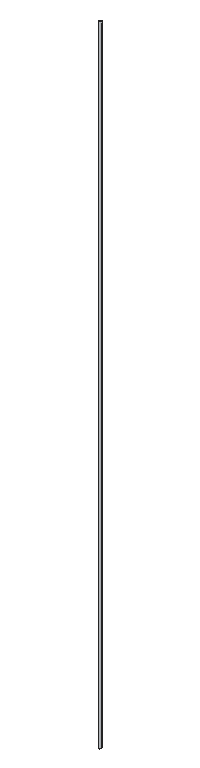
Revit family "GM Hanger", category Generic Models, Revit 2017
Family settings
  Can host rebar = No
  Round Connector Dimension = Use Diameter
  Part Type = Normal
  Work Plane-Based = No
  Always vertical = Yes
  Cut with Voids When Loaded = No
  Shared = No
  Room Calculation Point = No
Parameters
  Hanger Width [instance] = 0' - 0"
  Anchor Elevation [instance] = 10' - 0"
Reference planes (in)
  plane 1 "Center (Front/Back)": y = 0
  plane 2: z = 0
  plane 3 "Center (Left/Right)": x = 0
  plane 4: z = 120
Forms (in)
  Extrusion 1, solid
    sketch origin (0, 0, 0) x (1, 0, 0) y (0, 1, 0)
      loop
        circle (0, 0) r 0.25
    from 0 to 120
Dimensions and locks (in)
  "Anchor Elevation": level to plane 4
  aligned and locked: plane 2 to level
  aligned and locked: Extrusion 1 to plane 4
  aligned and locked: Extrusion 1 to level
Automatic sketch dimensions
  plane 1 "Center (Front/Back)" to Extrusion 1 sketch curve = 0' - 0"
  Extrusion 1 sketch curve to plane 3 "Center (Left/Right)" = 0' - 0"
  radius of Extrusion 1 sketch curve = 0' - 0 1/4"
